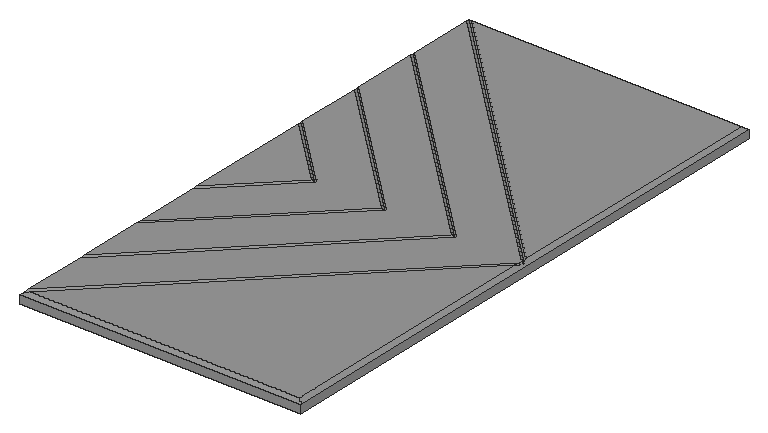
Revit family "ARROW 2x4", category Generic Models, Revit 2016
Family settings
  Part Type = Normal
  Can host rebar = No
  Round Connector Dimension = Use Diameter
  Work Plane-Based = No
  Always vertical = Yes
  Cut with Voids When Loaded = No
  Shared = No
  Room Calculation Point = No
Parameters (values of type "STANDARD - CUSTOM PAINTED")
  URL = "https://www.acousticalsurfaces.com/envirocoustic-wood-wool/designs/"
  Thickness = 0' - 1"
  Material = "Envirocoustic Wood Wool"
  Manufacturer = "Acoustical Surfaces, Inc."
  Finish = Custom Painted
  Backer Thickness = 0' - 1"
  Backer = no
Types (9): name | Finish | Backer Thickness | Backer
  STANDARD - CUSTOM PAINTED | Custom Painted | 0' - 1" | no
  STANDARD - PRIMED WHITE | Primed White | 0' - 1" | no
  STANDARD - PRIMED CLEAR | Primed Clear | 0' - 1" | no
  2 INCH CFAB BACKER - PRIMED WHITE | Primed White | 0' - 2" | yes
  1 INCH CFAB BACKER - PRIMED WHITE | Primed White | 0' - 1" | yes
  2 INCH CFAB BACKER - PRIMED CLEAR | Primed Clear | 0' - 2" | yes
  1 INCH CFAB BACKER - PRIMED CLEAR | Primed Clear | 0' - 1" | yes
  2 INCH CFAB BACKER - CUSTOM PAINTED | Custom Painted | 0' - 2" | yes
  1 INCH CFAB BACKER - CUSTOM PAINTED | Custom Painted | 0' - 1" | yes
Reference planes (in)
  plane 1 "Center (Front/Back)": y = 0
  plane 2: z = 0
  plane 3 "Center (Left/Right)": x = 0
  plane 4: x = -12
  plane 5: x = 12
  plane 6: y = 24
  plane 7: y = -24
  plane 8: z = 1
  plane 9: z = -1
Forms (in)
  Extrusion 1, solid, material "Custom Painted" <- "Finish"
    sketch origin (0, 0, 0) x (1, 0, 0) y (0, 1, 0)
      loop
        line (12, 24) -> (-12, 24) -> (-12, -24) -> (12, -24) -> (12, 24)
    from 0 to 1
  Sweep 2, void
    path in 3D
      loop
        line (12, 24, 1) -> (-12, 24, 1) -> (-12, -24, 1) -> (12, -24, 1) -> (12, 24, 1)
    profile "Triangle : Family2" origin (12, 0, 1) x (-1, 0, 0) y (0, 0, 1)
      loop
        line (0, 0) -> (0, -0.315) -> (0.315, 0) -> (0, 0)
  Extrusion 3, solid, visible <- "Backer"
    sketch origin (0, 0, 0) x (1, 0, 0) y (0, 1, 0)
      loop
        line (12, 24) -> (-12, 24) -> (-12, -24) -> (12, -24) -> (12, 24)
    from 0 to -1
  Sweep 4, void
    path origin (0, -12, 1) x (1, 0, 0) y (0, 1, 0)
      loop
        line (-12, 36) -> (12, 12) -> (-12, -12)
    profile "Groove : Family2" origin (0, 12, 1) x (0.707107, 0.707107, 0) y (0, 0, 1)
      loop
        line (-0.1575, 0) -> (0, -0.1575) -> (0.1575, 0) -> (-0.1575, 0)
  Sweep 5, void
    path origin (0, 0, 1) x (1, 0, 0) y (0, 1, 0)
      loop
        line (-12, 18) -> (6, 0) -> (-12, -18)
    profile "Groove : Family2" origin (-3, 9, 1) x (0.707107, 0.707107, 0) y (0, 0, 1)
      loop
        line (-0.1575, 0) -> (0, -0.1575) -> (0.1575, 0) -> (-0.1575, 0)
  Sweep 6, void
    path origin (0, 0, 1) x (1, 0, 0) y (0, 1, 0)
      loop
        line (-12, 12) -> (0, 0) -> (-12, -12)
    profile "Groove : Family2" origin (-6, 6, 1) x (0.707107, 0.707107, 0) y (0, 0, 1)
      loop
        line (-0.1575, 0) -> (0, -0.1575) -> (0.1575, 0) -> (-0.1575, 0)
  Sweep 7, void
    path origin (0, 0, 1) x (1, 0, 0) y (0, 1, 0)
      loop
        line (-12, 6) -> (-6, 0) -> (-12, -6)
    profile "Groove : Family2" origin (-9, 3, 1) x (0.707107, 0.707107, 0) y (0, 0, 1)
      loop
        line (-0.1575, 0) -> (0, -0.1575) -> (0.1575, 0) -> (-0.1575, 0)
Cuts and joins
  Sweep 2, Sweep 4, Sweep 5, Sweep 6, Sweep 7 cuts Extrusion 1
  Sweep 4 cuts Extrusion 3
Lines and regions (in)
  sketch lines
    curve 1: line (12, -24, 1) -> (12, 24, 1)
    curve 2: line (-12, -24, 1) -> (12, -24, 1)
    curve 3: line (-12, 24, 1) -> (-12, -24, 1)
    curve 4: line (12, 24, 1) -> (-12, 24, 1)
Dimensions and locks (in)
  equal spacing: plane 4, plane 3 "Center (Left/Right)", plane 5
  equal spacing: plane 7, plane 1 "Center (Front/Back)", plane 6
  plane 7 to plane 6 = 4' - 0"
  locked: plane 4 to plane 5 at 24
  "Thickness": plane 8 to level
  "Backer Thickness": level to plane 9
  aligned and locked: level to plane 2
  aligned and locked: Extrusion 1 sketch curve to plane 4
  aligned and locked: plane 5 to Extrusion 1 sketch curve
  aligned and locked: Extrusion 1 sketch curve to plane 6
  aligned and locked: Extrusion 1 sketch curve to plane 7
  aligned and locked: Extrusion 1 to plane 8
  aligned and locked: Extrusion 3 sketch curve to plane 4
  aligned and locked: plane 5 to Extrusion 3 sketch curve
  aligned and locked: Extrusion 3 sketch curve to plane 6
  aligned and locked: Extrusion 3 sketch curve to plane 7
  aligned and locked: plane 9 to Extrusion 3
Automatic sketch dimensions
  Sweep 4 sketch curve to Extrusion 1 = 0' - 0"  (x4)
  Sweep 4 sketch curve to Extrusion 1 = 2' - 0"
  Sweep 5 sketch curve to Extrusion 1 = 0' - 0"  (x2)
  Sweep 5 sketch curve to Extrusion 1 = 0' - 6"  (x2)
  Sweep 5 sketch curve to Extrusion 1 = 2' - 0"
  Sweep 6 sketch curve to Extrusion 1 = 0' - 0"  (x2)
  Sweep 6 sketch curve to Extrusion 1 = 1' - 0"  (x2)
  Sweep 6 sketch curve to Extrusion 1 = 2' - 0"
  Sweep 7 sketch curve to Extrusion 1 = 0' - 0"  (x2)
  Sweep 7 sketch curve to Extrusion 1 = 0' - 6"
  Sweep 7 sketch curve to Extrusion 1 = 2' - 0"
  Sweep 7 sketch curve to Sweep 7 sketch curve = 0' - 6"
